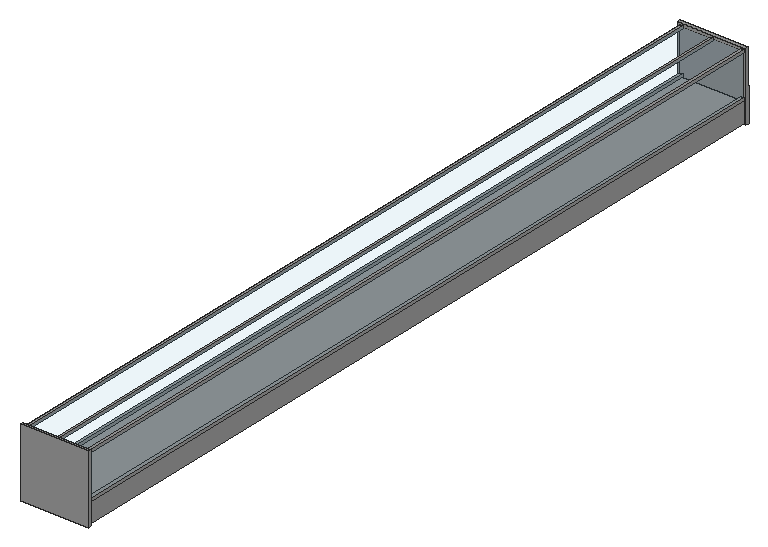
Revit family "WS920", category Lighting Fixtures, host Face, Revit 2024
Family settings
  Host = Face
  Round Connector Dimension = Use Diameter
  Part Type = Normal
  Cut with Voids When Loaded = No
  Light Source = Yes
  Maintain Annotation Orientation = No
  Shared = No
  Room Calculation Point = No
Parameters (values of type "WS920-5")
  Wattage = 9.2903 W
  built-in parameter 1150110 = 1 (stored number, unit not read)
  URL = "https://cdn.shopify.com/s/files/1/0618/1250/6818/files/Lumux_WS920.pdf?v=1717697088"
  built-in parameter 1114217 = 1 (stored number, unit not read)
  built-in parameter 1150109 = 1 (stored number, unit not read)
  built-in parameter 1150134 = 3
  built-in parameter 1150113 = 1 (stored number, unit not read)
  Model = "WS920-5"
  Manufacturer = "sales@lumux.com"
  built-in parameter 1150105 = 439.27 (stored number, unit not read)
  Lumens = 1380 lm
  built-in parameter 1150115 = 1 (stored number, unit not read)
  Light Source Symbol Size = 609.6 mm
  built-in parameter 1150137 = (empty or 0)
  built-in parameter 1150139 = (empty or 0)
  built-in parameter 1150112 = 1 (stored number, unit not read)
  built-in parameter 1150114 = 1 (stored number, unit not read)
  built-in parameter 1150132 = (empty or 0)
  built-in parameter 1150102 = (empty or 0)
  built-in parameter 1150107 = 3200 (stored number, unit not read)
  built-in parameter 1150138 = (empty or 0)
  built-in parameter 1150106 = 4.3927 (stored number, unit not read)
  Height = 1524 mm
  built-in parameter 1150104 = 13.8 (stored number, unit not read)
  Dimming Lamp Color Temperature Shift = <None>
  Description = "WALL SCONCE"
  Default Elevation = 1219.2 mm
  Color Filter = 16777215
  built-in parameter 1114218 = 1 (stored number, unit not read)
  built-in parameter 1150133 = 10 (stored number, unit not read)
Types (5, lengths in mm): name | Model | Height
  (no name) | "WS920-5" | 1524
  WS920-1 | "WS920-1" | 457.2
  WS920-2 | "WS920-2" | 609.6
  WS920-4 | "WS920-4" | 1219.2
  WS920-5 | "WS920-5" | 1524
Reference planes
  plane 1 "Center (Front/Back)": y = 0
  plane 2: z = 0
  plane 3 "Center (Left/Right)": x = 0
  plane 4: y = 762
  plane 5: y = -762
  plane 6: y = 687.1
  plane 7: y = -687.1
Forms (mm)
  Extrusion 1, solid, material "Louvre"
    sketch origin (96.2, 0, 0) x (1, 0, 0) y (0, 0, 1)
      loop
        line (-32.7, 0) -> (-32.7, 127) -> (-159.7, 127) -> (-159.7, 0) -> (-32.7, 0)
    from -762 to -757
  Extrusion 2, solid, material "Louvre"
    sketch origin (96.2, 0, 0) x (1, 0, 0) y (0, 0, 1)
      loop
        line (-32.7, 127) -> (-159.7, 127) -> (-159.7, 0) -> (-32.7, 0) -> (-32.7, 127)
    from 762 to 757
  Extrusion 3, solid, material "Glass"
    sketch origin (96.2, 0, 0) x (1, 0, 0) y (0, 0, 1)
      loop
        line (-37.7, 38.1) -> (-37.7, 121.453) -> (-154.7, 121.453) -> (-154.7, 38.1) -> (-37.7, 38.1)
    from -757 to 757
  Extrusion 4, solid, material "Louvre"
    sketch origin (-96.2, 0, 0) x (-1, 0, 0) y (0, 0, -1)
      loop
        line (-155.7, -123) -> (-150.7, -123) -> (-150.7, -118) -> (-155.7, -118) -> (-155.7, -123)
      loop
        line (-36.7, -123) -> (-36.7, -118) -> (-41.7, -118) -> (-41.7, -123) -> (-36.7, -123)
      loop
        line (-93.7, -123) -> (-93.7, -118) -> (-98.7, -118) -> (-98.7, -123) -> (-93.7, -123)
      loop
        line (-155.7, -43.1) -> (-150.7, -43.1) -> (-150.7, -38.1) -> (-155.7, -38.1) -> (-155.7, -43.1)
      loop
        line (-36.7, -43.1) -> (-36.7, -38.1) -> (-41.7, -38.1) -> (-41.7, -43.1) -> (-36.7, -43.1)
    from -757 to 757
  Extrusion 5, solid, material "Louvre"
    sketch origin (96.2, 0, 0) x (1, 0, 0) y (0, 0, 1)
      loop
        line (-37.7, 0) -> (-37.7, 38.1) -> (-154.7, 38.1) -> (-154.7, 0) -> (-37.7, 0)
    from -757 to 757
Dimensions and locks
  equal spacing: plane 4, plane 1 "Center (Front/Back)", plane 5
  "Height": plane 4 to plane 5
  locked: plane 4 to Extrusion 1 at 5
  locked: Extrusion 2 to plane 5 at 5
  locked: plane 4 to plane 6 at 74.9
  locked: plane 7 to plane 5 at 74.9
  aligned and locked: plane 2 to host face
  aligned and locked: level to host face
  aligned and locked: plane 4 to Extrusion 1
  aligned and locked: Extrusion 2 to plane 5
  aligned and locked: Extrusion 3 to Extrusion 1
  aligned and locked: Extrusion 3 to Extrusion 2
  aligned and locked: Extrusion 4 to Extrusion 1
  aligned and locked: Extrusion 4 to Extrusion 2
  aligned and locked: Extrusion 5 to Extrusion 1
  aligned and locked: Extrusion 5 to Extrusion 2
Automatic sketch dimensions
  host sketch curve to host sketch curve = 2438.4 mm  (x2)
  Extrusion 2 sketch curve to level = 0 mm
  Extrusion 2 sketch curve to plane 3 "Center (Left/Right)" = 63.5 mm
  plane 3 "Center (Left/Right)" to Extrusion 2 sketch curve = 63.5 mm
  level to Extrusion 2 sketch curve = 127 mm
  Extrusion 1 sketch curve to level = 0 mm
  Extrusion 1 sketch curve to plane 3 "Center (Left/Right)" = 63.5 mm
  plane 3 "Center (Left/Right)" to Extrusion 1 sketch curve = 63.5 mm
  Extrusion 1 sketch curve to Extrusion 1 sketch curve = 127 mm
  level to Extrusion 3 sketch curve = 38.1 mm
  Extrusion 3 sketch curve to plane 3 "Center (Left/Right)" = 58.5 mm
  plane 3 "Center (Left/Right)" to Extrusion 3 sketch curve = 58.5 mm
  Extrusion 3 sketch curve to Extrusion 3 sketch curve = 83.353 mm
  Extrusion 5 sketch curve to level = 0 mm
  Extrusion 5 sketch curve to plane 3 "Center (Left/Right)" = 58.5 mm
  level to Extrusion 5 sketch curve = 38.1 mm
  plane 3 "Center (Left/Right)" to Extrusion 5 sketch curve = 58.5 mm
  plane 3 "Center (Left/Right)" to Extrusion 4 sketch curve = 59.5 mm  (x2)
  level to Extrusion 4 sketch curve = 38.1 mm
  Extrusion 4 sketch curve to Extrusion 4 sketch curve = 5 mm  (x9)
  plane 3 "Center (Left/Right)" to Extrusion 4 sketch curve = 2.5 mm
  Extrusion 4 sketch curve to plane 3 "Center (Left/Right)" = 2.5 mm
  Extrusion 4 sketch curve to Extrusion 4 sketch curve = 52 mm
  Extrusion 4 sketch curve to plane 3 "Center (Left/Right)" = 54.5 mm
  level to Extrusion 4 sketch curve = 43.1 mm
  Extrusion 4 sketch curve to Extrusion 4 sketch curve = 74.9 mm
  Extrusion 4 sketch curve to Extrusion 4 sketch curve = 0 mm  (x2)
